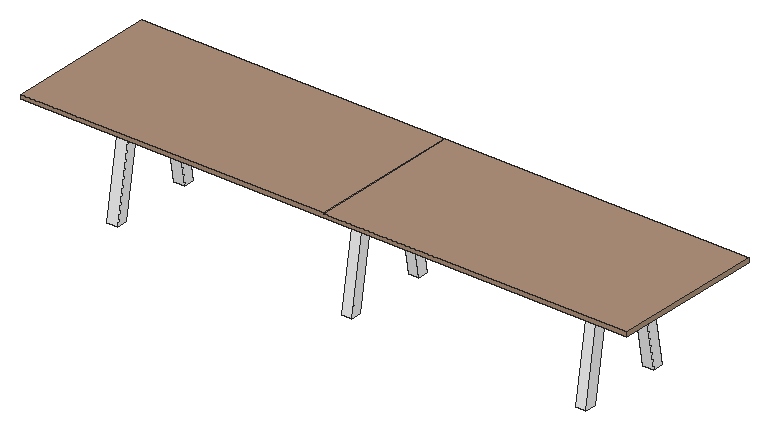
Revit family "Tables-Meeting-Teknion-BC_CWA_Workshop_Conference_Table-R2018", category Furniture, Revit 2018
Family settings
  OmniClass Number = 23.40.20.00
  OmniClass Title = General Furniture and Specialties
  Work Plane-Based = No
  Always vertical = Yes
  Cut with Voids When Loaded = No
  Shared = Yes
  Room Calculation Point = No
Parameters (values of type "1 3/16" Worksurface Thickness, 42" Depth")
  Worksurface Finish [instance] = Source Laminate - Teknion - 3M - Provincial Oak
  Width [instance] = 168.000"
  Warranty = "http://www.teknion.com/ca/papers/legal-canada"
  Unit Weight URL = "http://www.teknion.com/ca/tools/assets#&asset=bee6a381-b954-425e-8283-5a2de3a804f2,f828d448-4b62-4231-9e5f-9a8991c0ed77"
  URL = "www.teknion.com"
  To render please download texture images found here [instance] = "https://assets.teknion.com/web/5e81352c1dfdb467/revit-material-swatches/"
  Thirds Split Visibility [instance] = Width > 170.000"  # no
  Thirds Split [instance] = if(Width > 170.000", Height, Height + 1.000")  # 29.996"
  Sustainability Data = "https://www.teknion.com/ca/tools/assets#&topic=216f99a5-57a0-44fc-b10a-9dee9b29ae4c&asset=444deb64-fe58-4b68-981e-f75e97781df7,b4ff2d81-9f2e-437d-9659-7cffb09c31cf"
  Support Finish [instance] = Mica - Teknion - V - Satin - Very White
  Straight Corner [instance] = not(Radius Corner)  # yes
  Series = "Expansion Casegoods"  # constant formula
  Radius Corner [instance] = no
  Product Page URL = "https://www.teknion.com/ca/products/product-details?productlineid=0053336e-8e7a-673b-a6c8-ff00004460c4"
  Product Line = "Expansion Casegoods"  # constant formula
  Product Documentation Link = "https://www.teknion.com/pricing/expansion-casegoods/pdfs/BC_CWA_ppg.pdf"
  Power Pill Quad [instance] = no
  Power Module Cutout Note [instance] = "Select one of the options below"  # constant formula
  Part Number = "BC_CWA"
  No Cut-Out [instance] = not(or([Linear Power Module Standard 18"], [Linear Power Module Extended  28"], Power Pill Quad))  # yes
  Model = "BCMCWA42_____"
  Manufacturer Phone = "416-661-3370"  # constant formula
  Manufacturer Fax = "416.661.4586"  # constant formula
  Manufacturer Contact Information = "http://www.teknion.com/ca/contactus"
  Manufacturer Address = "1150 Flint Road, Toronto, ON. M3J 2J5. Canada"  # constant formula
  Manufacturer = "Teknion"  # constant formula
  Linear Power Module Standard 18" [instance] = no
  Linear Power Module Extended  28" [instance] = no
  Leg offset [instance] = if(or(Width = 108.000", Width > 155.000"), 16.142", 21.142")  # 16.142"
  Leg Depth = if(Depth > 50.000", 11.709", 7.709")  # 7.709"
  How To Use Teknion Materials User Guide [instance] = "https://assets.teknion.com/m/205dd0a49fa58060/original/How-to-add-a-Material-Library-and-Texture-Images-to-your-Revit-project.pdf"
  Height = 28.996"
  For Additional Finishes please visit [instance] = "https://assets.teknion.com/m/44a8009b046e5d47/original/Teknion_Materials_Library.zip"
  Description = "Workshop Conference Table, 1 3/16\" Worksurface Thickness, 42\" Depth"
  Depth = 41.790"
  Cutout 28 [instance] = if([Linear Power Module Extended  28"], Height, Height + 2.000")  # 30.996"
  Corner Detail Note [instance] = "Select one of the options below"  # constant formula
  Corner Cutout [instance] = if(Radius Corner, Height, Height + 3.000")  # 31.996"
  Center leg [instance] = Width > 155.000"  # yes
  Center Split Visibility [instance] = Width < 170.000"  # yes
  Center Split [instance] = if(Width < 170.000", Height, Height + 1.000")  # 28.996"
  Center Leg Visibility [instance] = if(Width < 155.000", Height, Height + Height)  # 57.992"
  Available Widths [instance] = if(or(Depth = 41.790", Depth = 47.760"), "108\", 120\", 132\", 144\", 156\",and 168\"", if(Depth = 53.730", "120\", 132\", 144\", 156\", 168\", 180\", and 192\"", "144\", 156\", 168\", 180\", 192\", 204\", and 216\""))  # "108\", 120\", 132\", 144\", 156\",and 168\""
  Assembly Code = "E2020200"
  Actual Width [instance] = if(Width = 108.000", 107.460", if(Width = 120.000", 119.400", if(Width = 132.000", 131.340", if(Width = 144.000", 143.280", if(Width = 156.000", 155.220", if(Width = 168.000", 167.160", if(Width = 180.000", 179.100", if(Width = 192.000", 191.040", if(Width = 204.000", 202.980", 214.920")))))))))  # 167.160"
  3 Power Pill Visibility [instance] = and(Power Pill Quad, Width > 170.000")  # no
  3 Power Pill [instance] = if(and(Power Pill Quad, Width > 170.000"), Height, Height + 2.000")  # 30.996"
  3 Cutout 18 Visibility [instance] = and(Power Pill Quad, Width < 170.000")  # no
  3 Cutout 18 [instance] = if(and([Linear Power Module Standard 18"], Width > 170.000"), Height, Height + 2.000")  # 30.996"
  2 Power Pill Visibility [instance] = and([Linear Power Module Standard 18"], Width > 170.000")  # no
  2 Power Pill [instance] = if(and(Power Pill Quad, Width < 170.000"), Height, Height + 2.000")  # 30.996"
  2 Cutout 18 Visibility [instance] = and([Linear Power Module Standard 18"], Width < 170.000")  # no
  2 Cutout 18 [instance] = if(and([Linear Power Module Standard 18"], Width < 170.000"), Height, Height + 2.000")  # 30.996"
Types (8): name | Thirds Split | Model | Leg Depth | Height | Description | Depth | Cutout 28 | Corner Cutout | Center Split | Center Leg Visibility | Available Widths | 3 Power Pill | 3 Cutout 18 | 2 Power Pill | 2 Cutout 18
  (no name) | 29.996" | "BCMCWA42_____" | 7.709" | 28.996" | "Workshop Conference Table, 1 3/16\" Worksurface Thickness, 42\" Depth" | 41.790" | 30.996" | 31.996" | 28.996" | 57.992" | "108\", 120\", 132\", 144\", 156\",and 168\"" | 30.996" | 30.996" | 30.996" | 30.996"
  1 3/16" Worksurface Thickness, 42" Depth | 29.996" | "BCMCWA42_____" | 7.709" | 28.996" | "Workshop Conference Table, 1 3/16\" Worksurface Thickness, 42\" Depth" | 41.790" | 30.996" | 31.996" | 28.996" | 57.992" | "108\", 120\", 132\", 144\", 156\",and 168\"" | 30.996" | 30.996" | 30.996" | 30.996"
  1 9/16" Worksurface Thickness, 42" Depth | 30.362" | "BCXCWA42_____" | 7.709" | 29.362" | "Workshop Conference Table, 1 9/16\" Worksurface Thickness, 42\" Depth" | 41.790" | 31.362" | 32.362" | 29.362" | 58.724" | "108\", 120\", 132\", 144\", 156\",and 168\"" | 31.362" | 31.362" | 31.362" | 31.362"
  1 3/16" Worksurface Thickness, 48" Depth | 29.996" | "BCMCWA48_____" | 7.709" | 28.996" | "Workshop Conference Table, 1 3/16\" Worksurface Thickness, 48\" Depth" | 47.760" | 30.996" | 31.996" | 28.996" | 57.992" | "108\", 120\", 132\", 144\", 156\",and 168\"" | 30.996" | 30.996" | 30.996" | 30.996"
  1 3/16" Worksurface Thickness, 54" Depth | 29.996" | "BCMCWA54_____" | 11.709" | 28.996" | "Workshop Conference Table, 1 3/16\" Worksurface Thickness, 54\" Depth" | 53.730" | 30.996" | 31.996" | 28.996" | 57.992" | "120\", 132\", 144\", 156\", 168\", 180\", and 192\"" | 30.996" | 30.996" | 30.996" | 30.996"
  1 3/16" Worksurface Thickness, 60" Depth | 29.996" | "BCMCWA60_____" | 11.709" | 28.996" | "Workshop Conference Table, 1 3/16\" Worksurface Thickness, 60\" Depth" | 59.700" | 30.996" | 31.996" | 28.996" | 57.992" | "144\", 156\", 168\", 180\", 192\", 204\", and 216\"" | 30.996" | 30.996" | 30.996" | 30.996"
  1 9/16" Worksurface Thickness, 48" Depth | 30.362" | "BCXCWA48_____" | 7.709" | 29.362" | "Workshop Conference Table, 1 9/16\" Worksurface Thickness, 48\" Depth" | 47.760" | 31.362" | 32.362" | 29.362" | 58.724" | "108\", 120\", 132\", 144\", 156\",and 168\"" | 31.362" | 31.362" | 31.362" | 31.362"
  1 9/16" Worksurface Thickness, 54" Depth | 30.362" | "BCXCWA54_____" | 11.709" | 29.362" | "Workshop Conference Table, 1 9/16\" Worksurface Thickness, 54\" Depth" | 53.730" | 31.362" | 32.362" | 29.362" | 58.724" | "120\", 132\", 144\", 156\", 168\", 180\", and 192\"" | 31.362" | 31.362" | 31.362" | 31.362"
Reference planes (in)
  plane 1 "Center Front/Back": y = 0
  plane 2: z = 0
  plane 3 "Center Left/Right": x = 0
  plane 4 "Left": x = -83.58
  plane 5 "Right": x = 83.58
  plane 6 "Back": y = 20.895
  plane 7 "Front": y = -20.895
  plane 8 "Top": z = 28.996
  plane 9: x = -67.438
  plane 10: x = 67.438
  plane 11: y = 3.8545
  plane 12: y = -3.8545
  plane 13: x = -27.86
  plane 14: x = 27.86
  plane 15: x = -55.72
  plane 16: x = 55.72
  plane 17: x = -41.79
  plane 18: x = 41.79
Forms (in)
  Sweep 1, solid, material "Source Laminate - Teknion - 3M - Provincial Oak" <- "Worksurface Finish"
    path origin (0, 0, 0) x (1, 0, 0) y (0, 0, 1)
      loop
        line (0, 28.996) -> (0, 27.80709)
    profile origin (0, 0, 28.40154) x (0, -1, 0) y (1, 0, 0)
      loop
        line (-20.895, -83.58) -> (20.895, -83.58) -> (20.895, 83.58) -> (-20.895, 83.58) -> (-20.895, -83.58)
  Sweep 2, solid, material "Mica - Teknion - V - Satin - Very White" <- "Support Finish"
    path origin (0, 0, 0) x (1, 0, 0) y (0, 0, 1)
      loop
        line (0, 27.80709) -> (0, 27.61969)
    profile origin (0, 0, 27.71339) x (0, -1, 0) y (1, 0, 0)
      loop
        line (-9.57104, -67.438) -> (-3.8545, -67.438) -> (-3.8545, -61.72146) -> (-9.57104, -61.72146) -> (-9.57104, -67.438)
      loop
        line (9.57104, -67.438) -> (9.57104, -61.72146) -> (3.8545, -61.72146) -> (3.8545, -67.438) -> (9.57104, -67.438)
      loop
        line (-9.57104, 67.438) -> (-9.57104, 61.72146) -> (-3.8545, 61.72146) -> (-3.8545, 67.438) -> (-9.57104, 67.438)
      loop
        line (9.57104, 67.438) -> (3.8545, 67.438) -> (3.8545, 61.72146) -> (9.57104, 61.72146) -> (9.57104, 67.438)
  Sweep 3, solid, material "Mica - Teknion - V - Satin - Very White" <- "Support Finish", visible <- "Center leg"
    path origin (0, 0, 0) x (1, 0, 0) y (0, 0, 1)
      loop
        line (0, 27.80709) -> (0, 27.61969)
    profile origin (0, 0, 27.71339) x (0, -1, 0) y (1, 0, 0)
      loop
        line (-9.57104, 2.85827) -> (-9.57104, -2.85827) -> (-3.8545, -2.85827) -> (-3.8545, 2.85827) -> (-9.57104, 2.85827)
      loop
        line (3.8545, 2.85827) -> (3.8545, -2.85827) -> (9.57104, -2.85827) -> (9.57104, 2.85827) -> (3.8545, 2.85827)
  Sweep 4, solid, material "Mica - Teknion - V - Satin - Very White" <- "Support Finish"
    path origin (0, 0, 0) x (1, 0, 0) y (0, 1, 0)
      loop
        line (-65.99706, 0) -> (65.99706, 0)
    profile origin (0, 0, 0) x (0, 1, 0) y (0, 0, 1)
      loop
        line (5.29544, 27.61969) -> (10.16554, 0) -> (13.00019, 0) -> (8.13009, 27.61969) -> (5.29544, 27.61969)
      loop
        line (-5.29544, 27.61969) -> (-8.13009, 27.61969) -> (-13.00019, 0) -> (-10.16554, 0) -> (-5.29544, 27.61969)
  Sweep 5, void
    path origin (0, 0, 0) x (1, 0, 0) y (0, 1, 0)
      loop
        line (0, -20.895) -> (0, 20.895)
    profile origin (0, 0, 0) x (-1, 0, 0) y (0, 0, 1)
      loop
        line (-1.41732, 28.996) -> (-63.16241, 28.996) -> (-63.16241, 0) -> (-1.41732, 0) -> (-1.41732, 28.996)
      loop
        line (1.41732, 28.996) -> (1.41732, 0) -> (63.16241, 0) -> (63.16241, 28.996) -> (1.41732, 28.996)
  Sweep 6, void
    path origin (0, 0, 0) x (1, 0, 0) y (0, 1, 0)
      loop
        line (0, -20.895) -> (0, 20.895)
    profile origin (0, 0, 0) x (-1, 0, 0) y (0, 0, 1)
      loop
        line (3.60615, 57.992) -> (-3.60615, 57.992) -> (-3.60615, 28.996) -> (3.60615, 28.996) -> (3.60615, 57.992)
  Sweep 7, void
    path origin (0, 0, 0) x (1, 0, 0) y (0, 1, 0)
      loop
        line (0, -20.895) -> (0, 20.895)
    profile origin (0, 0, 0) x (-1, 0, 0) y (0, 0, 1)
      loop
        line (0.05906, 28.996) -> (-0.05906, 28.996) -> (0, 28.96846) -> (0.05906, 28.996)
  Sweep 8, void
    path origin (0, 0, 0) x (1, 0, 0) y (0, 1, 0)
      loop
        line (0, -20.895) -> (0, 20.895)
    profile origin (0, 0, 0) x (-1, 0, 0) y (0, 0, 1)
      loop
        line (27.86, 29.96846) -> (27.91906, 29.996) -> (27.80094, 29.996) -> (27.86, 29.96846)
      loop
        line (-27.86, 29.96846) -> (-27.80094, 29.996) -> (-27.91906, 29.996) -> (-27.86, 29.96846)
  Sweep 9, void
    path origin (0, 0, 0) x (1, 0, 0) y (0, 0, 1)
      loop
        line (0, 31.996) -> (0, 29.996)
    profile origin (0, 0, 30.996) x (0, -1, 0) y (1, 0, 0)
      loop
        arc (-18.02, -83.58) -> (-20.05293, -82.73793) -> (-20.895, -80.705) r 2.875
        line (-20.895, -80.705) -> (-20.895, -83.58) -> (-18.02, -83.58)
      loop
        line (18.02, -83.58) -> (20.895, -83.58) -> (20.895, -80.705)
        arc (20.895, -80.705) -> (20.05293, -82.73793) -> (18.02, -83.58) r 2.875
      loop
        line (-18.02, 83.58) -> (-20.895, 83.58) -> (-20.895, 80.705)
        arc (-20.895, 80.705) -> (-20.05293, 82.73793) -> (-18.02, 83.58) r 2.875
      loop
        arc (18.02, 83.58) -> (20.05293, 82.73793) -> (20.895, 80.705) r 2.875
        line (20.895, 80.705) -> (20.895, 83.58) -> (18.02, 83.58)
  Sweep 10, void
    path origin (0, 0, 0) x (1, 0, 0) y (0, 0, 1)
      loop
        line (0, 28.996) -> (0, 30.996)
    profile origin (0, 0, 29.996) x (-1, 0, 0) y (0, -1, 0)
      loop
        line (-13.4252, 2.32283) -> (-13.4252, -2.32283) -> (13.4252, -2.32283) -> (13.4252, 2.32283) -> (-13.4252, 2.32283)
  Sweep 11, void
    path origin (0, 0, 0) x (1, 0, 0) y (0, 0, 1)
      loop
        line (0, 30.996) -> (0, 28.996)
    profile origin (0, 0, 29.996) x (0, -1, 0) y (1, 0, 0)
      loop
        line (2.32283, -50.17583) -> (2.32283, -33.40417) -> (-2.32283, -33.40417) -> (-2.32283, -50.17583) -> (2.32283, -50.17583)
      loop
        line (2.32283, 33.40417) -> (2.32283, 50.17583) -> (-2.32283, 50.17583) -> (-2.32283, 33.40417) -> (2.32283, 33.40417)
  Sweep 12, void
    path origin (0, 0, 0) x (1, 0, 0) y (0, 0, 1)
      loop
        line (0, 30.996) -> (0, 28.996)
    profile origin (0, 0, 29.996) x (0, -1, 0) y (1, 0, 0)
      loop
        line (-2.32283, -8.38583) -> (2.32283, -8.38583) -> (2.32283, 8.38583) -> (-2.32283, 8.38583) -> (-2.32283, -8.38583)
      loop
        line (-2.32283, -64.10583) -> (2.32283, -64.10583) -> (2.32283, -47.33417) -> (-2.32283, -47.33417) -> (-2.32283, -64.10583)
      loop
        line (-2.32283, 64.10583) -> (-2.32283, 47.33417) -> (2.32283, 47.33417) -> (2.32283, 64.10583) -> (-2.32283, 64.10583)
  Sweep 13, void
    path origin (0, 0, 0) x (1, 0, 0) y (0, 0, 1)
      loop
        line (0, 30.996) -> (0, 28.996)
    profile origin (0, 0, 29.996) x (0, -1, 0) y (1, 0, 0)
      loop
        arc (-1.65354, -44.03409) -> (0, -45.68764) -> (1.65354, -44.03409) r 1.65354
        line (1.65354, -44.03409) -> (1.65354, -39.54591)
        arc (1.65354, -39.54591) -> (0, -37.89236) -> (-1.65354, -39.54591) r 1.65354
        line (-1.65354, -39.54591) -> (-1.65354, -44.03409)
      loop
        arc (-1.65354, 39.54591) -> (0, 37.89236) -> (1.65354, 39.54591) r 1.65354
        line (1.65354, 39.54591) -> (1.65354, 44.03409)
        arc (1.65354, 44.03409) -> (0, 45.68764) -> (-1.65354, 44.03409) r 1.65354
        line (-1.65354, 44.03409) -> (-1.65354, 39.54591)
  Sweep 14, void
    path origin (0, 0, 0) x (1, 0, 0) y (0, 0, 1)
      loop
        line (0, 30.996) -> (0, 28.996)
    profile origin (0, 0, 29.996) x (0, -1, 0) y (1, 0, 0)
      loop
        arc (-1.65354, -57.96409) -> (0, -59.61764) -> (1.65354, -57.96409) r 1.65354
        line (1.65354, -57.96409) -> (1.65354, -53.47591)
        arc (1.65354, -53.47591) -> (0, -51.82236) -> (-1.65354, -53.47591) r 1.65354
        line (-1.65354, -53.47591) -> (-1.65354, -57.96409)
      loop
        arc (-1.65354, -2.24409) -> (0, -3.89764) -> (1.65354, -2.24409) r 1.65354
        line (1.65354, -2.24409) -> (1.65354, 2.24409)
        arc (1.65354, 2.24409) -> (0, 3.89764) -> (-1.65354, 2.24409) r 1.65354
        line (-1.65354, 2.24409) -> (-1.65354, -2.24409)
      loop
        arc (-1.65354, 53.47591) -> (0, 51.82236) -> (1.65354, 53.47591) r 1.65354
        line (1.65354, 53.47591) -> (1.65354, 57.96409)
        arc (1.65354, 57.96409) -> (0, 59.61764) -> (-1.65354, 57.96409) r 1.65354
        line (-1.65354, 57.96409) -> (-1.65354, 53.47591)
Cuts and joins
  Sweep 5, Sweep 6 cuts Sweep 4
  Sweep 7, Sweep 8, Sweep 9, Sweep 10, Sweep 11, Sweep 12, Sweep 13, Sweep 14 cuts Sweep 1
Lines and regions (in)
  Masking region 1, visible <- "Straight Corner"
    outline origin (0, 0, 0) x (1, 0, 0) y (0, 1, 0)
      loop
        line (-83.58, 20.895) -> (-83.58, -20.895) -> (83.58, -20.895) -> (83.58, 20.895) -> (-83.58, 20.895)
  Masking region 2, visible <- "Radius Corner"
    outline origin (0, 0, 0) x (1, 0, 0) y (0, 1, 0)
      loop
        arc (-80.705, 20.895) -> (-82.73793, 20.05293) -> (-83.58, 18.02) r 2.875
        line (-83.58, 18.02) -> (-83.58, -18.02)
        arc (-83.58, -18.02) -> (-82.73793, -20.05293) -> (-80.705, -20.895) r 2.875
        line (-80.705, -20.895) -> (80.705, -20.895)
        arc (80.705, -20.895) -> (82.73793, -20.05293) -> (83.58, -18.02) r 2.875
        line (83.58, -18.02) -> (83.58, 18.02)
        arc (83.58, 18.02) -> (82.73793, 20.05293) -> (80.705, 20.895) r 2.875
        line (80.705, 20.895) -> (-80.705, 20.895)
  symbolic lines, style "FurnitureHiddenLines", detail levels medium+fine
    curve 1: line (-61.72146, 3.8545, 0) -> (-61.72146, 9.57104, 0)
    curve 2: line (-61.72146, 9.57104, 0) -> (-67.438, 9.57104, 0)
    curve 3: line (-67.438, 9.57104, 0) -> (-67.438, 3.8545, 0)
    curve 4: line (-67.438, 3.8545, 0) -> (-61.72146, 3.8545, 0)
    curve 5: line (-61.72146, -9.57104, 0) -> (-61.72146, -3.8545, 0)
    curve 6: line (-61.72146, -3.8545, 0) -> (-67.438, -3.8545, 0)
    curve 7: line (-67.438, -3.8545, 0) -> (-67.438, -9.57104, 0)
    curve 8: line (-67.438, -9.57104, 0) -> (-61.72146, -9.57104, 0)
    curve 9: line (61.72146, 9.57104, 0) -> (61.72146, 3.8545, 0)
    curve 10: line (61.72146, 3.8545, 0) -> (67.438, 3.8545, 0)
    curve 11: line (67.438, 3.8545, 0) -> (67.438, 9.57104, 0)
    curve 12: line (67.438, 9.57104, 0) -> (61.72146, 9.57104, 0)
    curve 13: line (61.72146, -3.8545, 0) -> (61.72146, -9.57104, 0)
    curve 14: line (61.72146, -9.57104, 0) -> (67.438, -9.57104, 0)
    curve 15: line (67.438, -9.57104, 0) -> (67.438, -3.8545, 0)
    curve 16: line (67.438, -3.8545, 0) -> (61.72146, -3.8545, 0)
    curve 17: line (-65.99706, 5.29544, 0) -> (-63.16241, 5.29544, 0)
    curve 18: line (-63.16241, 5.29544, 0) -> (-63.16241, 13.00019, 0)
    curve 19: line (-63.16241, 8.13009, 0) -> (-65.99706, 8.13009, 0)
    curve 20: line (-65.99706, 13.00019, 0) -> (-65.99706, 5.29544, 0)
    curve 21: line (-65.99706, -8.13009, 0) -> (-63.16241, -8.13009, 0)
    curve 22: line (-63.16241, -13.00019, 0) -> (-63.16241, -5.29544, 0)
    curve 23: line (-63.16241, -5.29544, 0) -> (-65.99706, -5.29544, 0)
    curve 24: line (-65.99706, -5.29544, 0) -> (-65.99706, -13.00019, 0)
    curve 25: line (63.16241, -8.13009, 0) -> (65.99706, -8.13009, 0)
    curve 26: line (65.99706, -13.00019, 0) -> (65.99706, -5.29544, 0)
    curve 27: line (65.99706, -5.29544, 0) -> (63.16241, -5.29544, 0)
    curve 28: line (63.16241, -5.29544, 0) -> (63.16241, -13.00019, 0)
    curve 29: line (63.16241, 5.29544, 0) -> (65.99706, 5.29544, 0)
    curve 30: line (65.99706, 5.29544, 0) -> (65.99706, 13.00019, 0)
    curve 31: line (65.99706, 8.13009, 0) -> (63.16241, 8.13009, 0)
    curve 32: line (63.16241, 13.00019, 0) -> (63.16241, 5.29544, 0)
    curve 33: line (-63.16241, 10.16554, 0) -> (-65.99706, 10.16554, 0)
    curve 34: line (-65.99706, 13.00019, 0) -> (-63.16241, 13.00019, 0)
    curve 35: line (-65.99706, -10.16554, 0) -> (-63.16241, -10.16554, 0)
    curve 36: line (-63.16241, -13.00019, 0) -> (-65.99706, -13.00019, 0)
    curve 37: line (63.16241, -10.16554, 0) -> (65.99706, -10.16554, 0)
    curve 38: line (65.99706, -13.00019, 0) -> (63.16241, -13.00019, 0)
    curve 39: line (65.99706, 10.16554, 0) -> (63.16241, 10.16554, 0)
    curve 40: line (63.16241, 13.00019, 0) -> (65.99706, 13.00019, 0)
  symbolic lines, style "FurnitureHiddenLines", visible <- "Center leg", detail levels medium+fine
    curve 41: line (-2.85827, 9.57104, 0) -> (-2.85827, 3.8545, 0)
    curve 42: line (-2.85827, 3.8545, 0) -> (2.85827, 3.8545, 0)
    curve 43: line (2.85827, 3.8545, 0) -> (2.85827, 9.57104, 0)
    curve 44: line (2.85827, 9.57104, 0) -> (-2.85827, 9.57104, 0)
    curve 45: line (-2.85827, -3.8545, 0) -> (-2.85827, -9.57104, 0)
    curve 46: line (-2.85827, -9.57104, 0) -> (2.85827, -9.57104, 0)
    curve 47: line (2.85827, -9.57104, 0) -> (2.85827, -3.8545, 0)
    curve 48: line (2.85827, -3.8545, 0) -> (-2.85827, -3.8545, 0)
    curve 49: line (-1.41732, 13.00019, 0) -> (1.41732, 13.00019, 0)
    curve 50: line (-1.41732, 5.29544, 0) -> (-1.41732, 13.00019, 0)
    curve 51: line (1.41732, 5.29544, 0) -> (-1.41732, 5.29544, 0)
    curve 52: line (1.41732, 13.00019, 0) -> (1.41732, 5.29544, 0)
    curve 53: line (-1.41732, -5.29544, 0) -> (1.41732, -5.29544, 0)
    curve 54: line (-1.41732, -13.00019, 0) -> (-1.41732, -5.29544, 0)
    curve 55: line (1.41732, -13.00019, 0) -> (-1.41732, -13.00019, 0)
    curve 56: line (1.41732, -5.29544, 0) -> (1.41732, -13.00019, 0)
    curve 57: line (-1.41732, 10.16554, 0) -> (1.41732, 10.16554, 0)
    curve 58: line (-1.41732, 8.13009, 0) -> (1.41732, 8.13009, 0)
    curve 59: line (-1.41732, -8.13009, 0) -> (1.41732, -8.13009, 0)
    curve 60: line (-1.41732, -10.16554, 0) -> (1.41732, -10.16554, 0)
  symbolic lines, visible <- "Thirds Split Visibility"
    curve 61: line (-27.86, 20.895, 0) -> (-27.86, -20.895, 0)
    curve 63: line (27.86, 20.895, 0) -> (27.86, -20.895, 0)
  symbolic lines, visible <- "Center Split Visibility"
    curve 62: line (0, 20.895, 0) -> (0, -20.895, 0)
  symbolic lines, visible <- "Linear Power Module Extended  28""
    curve 64: line (13.4252, 2.32283, 0) -> (-13.4252, 2.32283, 0)
    curve 65: line (-13.4252, 2.32283, 0) -> (-13.4252, -2.32283, 0)
    curve 66: line (-13.4252, -2.32283, 0) -> (13.4252, -2.32283, 0)
    curve 67: line (13.4252, -2.32283, 0) -> (13.4252, 2.32283, 0)
  symbolic lines, visible <- "3 Cutout 18 Visibility"
    curve 68: line (-8.38583, 2.32283, 0) -> (-8.38583, -2.32283, 0)
    curve 69: line (-8.38583, -2.32283, 0) -> (8.38583, -2.32283, 0)
    curve 70: line (8.38583, -2.32283, 0) -> (8.38583, 2.32283, 0)
    curve 71: line (8.38583, 2.32283, 0) -> (-8.38583, 2.32283, 0)
    curve 72: line (-47.33417, 2.32283, 0) -> (-64.10583, 2.32283, 0)
    curve 73: line (-64.10583, 2.32283, 0) -> (-64.10583, -2.32283, 0)
    curve 74: line (-64.10583, -2.32283, 0) -> (-47.33417, -2.32283, 0)
    curve 75: line (-47.33417, -2.32283, 0) -> (-47.33417, 2.32283, 0)
    curve 76: line (64.10583, 2.32283, 0) -> (47.33417, 2.32283, 0)
    curve 77: line (47.33417, 2.32283, 0) -> (47.33417, -2.32283, 0)
    curve 78: line (47.33417, -2.32283, 0) -> (64.10583, -2.32283, 0)
    curve 79: line (64.10583, -2.32283, 0) -> (64.10583, 2.32283, 0)
  symbolic lines, visible <- "2 Cutout 18 Visibility"
    curve 80: line (-33.40417, 2.32283, 0) -> (-50.17583, 2.32283, 0)
    curve 81: line (-50.17583, 2.32283, 0) -> (-50.17583, -2.32283, 0)
    curve 82: line (-50.17583, -2.32283, 0) -> (-33.40417, -2.32283, 0)
    curve 83: line (-33.40417, -2.32283, 0) -> (-33.40417, 2.32283, 0)
    curve 84: line (50.17583, 2.32283, 0) -> (33.40417, 2.32283, 0)
    curve 85: line (33.40417, 2.32283, 0) -> (33.40417, -2.32283, 0)
    curve 86: line (33.40417, -2.32283, 0) -> (50.17583, -2.32283, 0)
    curve 87: line (50.17583, -2.32283, 0) -> (50.17583, 2.32283, 0)
  symbolic lines, visible <- "3 Power Pill Visibility"
    curve 88: arc (2.24409, -1.65354, 0) -> (3.89764, 0, 0) -> (2.24409, 1.65354, 0) r 1.65354
    curve 89: line (2.24409, 1.65354, 0) -> (-2.24409, 1.65354, 0)
    curve 90: arc (-2.24409, 1.65354, 0) -> (-3.89764, 0, 0) -> (-2.24409, -1.65354, 0) r 1.65354
    curve 91: line (-2.24409, -1.65354, 0) -> (2.24409, -1.65354, 0)
    curve 92: arc (53.47591, 1.65354, 0) -> (51.82236, 0, 0) -> (53.47591, -1.65354, 0) r 1.65354
    curve 93: line (53.47591, -1.65354, 0) -> (57.96409, -1.65354, 0)
    curve 94: arc (57.96409, -1.65354, 0) -> (59.61764, 0, 0) -> (57.96409, 1.65354, 0) r 1.65354
    curve 95: line (57.96409, 1.65354, 0) -> (53.47591, 1.65354, 0)
    curve 96: arc (-57.96409, 1.65354, 0) -> (-59.61764, 0, 0) -> (-57.96409, -1.65354, 0) r 1.65354
    curve 97: line (-57.96409, -1.65354, 0) -> (-53.47591, -1.65354, 0)
    curve 98: arc (-53.47591, -1.65354, 0) -> (-51.82236, 0, 0) -> (-53.47591, 1.65354, 0) r 1.65354
    curve 99: line (-53.47591, 1.65354, 0) -> (-57.96409, 1.65354, 0)
  symbolic lines, visible <- "2 Power Pill Visibility"
    curve 100: arc (39.54591, 1.65354, 0) -> (37.89236, 0, 0) -> (39.54591, -1.65354, 0) r 1.65354
    curve 101: line (39.54591, -1.65354, 0) -> (44.03409, -1.65354, 0)
    curve 102: arc (44.03409, -1.65354, 0) -> (45.68764, 0, 0) -> (44.03409, 1.65354, 0) r 1.65354
    curve 103: line (44.03409, 1.65354, 0) -> (39.54591, 1.65354, 0)
    curve 104: arc (-39.54591, -1.65354, 0) -> (-37.89236, 0, 0) -> (-39.54591, 1.65354, 0) r 1.65354
    curve 105: line (-39.54591, 1.65354, 0) -> (-44.03409, 1.65354, 0)
    curve 106: arc (-44.03409, 1.65354, 0) -> (-45.68764, 0, 0) -> (-44.03409, -1.65354, 0) r 1.65354
    curve 107: line (-44.03409, -1.65354, 0) -> (-39.54591, -1.65354, 0)
Dimensions and locks (in)
  "Actual Width": plane 4 "Left" to plane 5 "Right"
  "Depth": plane 6 "Back" to plane 7 "Front"
  "Height": plane 8 "Top" to level
  equal spacing: plane 6 "Back", plane 1 "Center Front/Back", plane 7 "Front"
  equal spacing: plane 4 "Left", plane 3 "Center Left/Right", plane 5 "Right"
  locked: Sweep 1 sketch curve to level at 27.80709
  equal spacing: plane 11, plane 1 "Center Front/Back", plane 12
  "Leg offset": plane 4 "Left" to plane 9
  "Leg offset": plane 10 to plane 5 "Right"
  "Leg Depth": plane 11 to plane 12
  level to Sweep 2 sketch curve to Sweep 2 sketch curve = 27.61969" locked, 0.1874" locked
  plane 9 to Sweep 2 sketch curve to Sweep 2 sketch curve to Sweep 2 sketch curve to Sweep 2 sketch curve = 0.000" locked, 0.000" locked, 5.71654" locked, 0.000" locked
  Sweep 2 sketch curve to Sweep 2 sketch curve to plane 10 to Sweep 2 sketch curve to Sweep 2 sketch curve = 0.000" locked, 5.71654" locked, 0.000" locked, 0.000" locked
  Sweep 2 sketch curve to Sweep 2 sketch curve to plane 11 to Sweep 2 sketch curve to Sweep 2 sketch curve = 0.000" locked, 5.71654" locked, 0.000" locked, 0.000" locked
  plane 12 to Sweep 2 sketch curve to Sweep 2 sketch curve to Sweep 2 sketch curve to Sweep 2 sketch curve = 0.000" locked, 0.000" locked, 5.71654" locked, 0.000" locked
  Sweep 3 sketch curve to Sweep 3 sketch curve to level = 0.1874" locked, 27.61969" locked
  Sweep 3 sketch curve to Sweep 3 sketch curve to plane 3 "Center Left/Right" to Sweep 3 sketch curve to Sweep 3 sketch curve = 0.000" locked, 2.85827" locked, 2.85827" locked, 0.000" locked
  plane 12 to Sweep 3 sketch curve to Sweep 3 sketch curve = 0.000" locked, 5.71654" locked
  Sweep 3 sketch curve to plane 11 to Sweep 3 sketch curve = 5.71654" locked, 0.000" locked
  locked: plane 9 to Sweep 4 sketch curve at 1.44094
  locked: Sweep 4 sketch curve to plane 10 at 1.44094
  Sweep 4 sketch curve to level to Sweep 4 sketch curve = 27.61969" locked, 0.000" locked  (x2)
  Sweep 4 sketch curve to Sweep 4 sketch curve to Sweep 4 sketch curve to Sweep 4 sketch curve to plane 11 = 2.83465" locked, 2.03545" locked, 2.83465" locked, 1.44094" locked
  plane 12 to Sweep 4 sketch curve to Sweep 4 sketch curve to Sweep 4 sketch curve to Sweep 4 sketch curve = 1.44094" locked, 2.83465" locked, 2.03545" locked, 2.83465" locked
  locked: Sweep 5 sketch curve to plane 9 at 4.27559
  locked: plane 10 to Sweep 5 sketch curve at 4.27559
  plane 8 "Top" to Sweep 5 sketch curve to Sweep 5 sketch curve = 0.000" locked, 0.000" locked
  level to Sweep 5 sketch curve to Sweep 5 sketch curve = 0.000" locked, 0.000" locked
  Sweep 5 sketch curve to plane 3 "Center Left/Right" to Sweep 5 sketch curve = 1.41732" locked, 1.41732" locked
  Sweep 6 sketch curve to plane 3 "Center Left/Right" to Sweep 6 sketch curve = 3.60615" locked, 3.60615" locked
  "Center Leg Visibility": Sweep 6 sketch curve to level
  "Height": Sweep 6 sketch curve to Sweep 6 sketch curve
  Sweep 7 sketch curve to Sweep 7 sketch curve to plane 3 "Center Left/Right" to Sweep 7 sketch curve = 0.05906" locked, 0.000" locked, 0.05906" locked
  Sweep 7 sketch curve to Sweep 7 sketch curve = 0.02754"
  "Center Split": Sweep 7 sketch curve to level
  equal spacing: plane 4 "Left", plane 13, plane 14, plane 5 "Right"
  Sweep 8 sketch curve to Sweep 8 sketch curve to plane 13 to Sweep 8 sketch curve = 0.05906" locked, 0.000" locked, 0.05906" locked
  Sweep 8 sketch curve to plane 14 to Sweep 8 sketch curve to Sweep 8 sketch curve = 0.05906" locked, 0.000" locked, 0.05906" locked
  "Thirds Split": Sweep 8 sketch curve to level  (x2)
  locked: Sweep 8 sketch curve to Sweep 8 sketch curve at 0.02754  (x2)
  locked: Sweep 9 sketch curve to Sweep 9 sketch curve at 2
  "Corner Cutout": Sweep 9 sketch curve to level
  locked: plane 6 "Back" to Sweep 9 sketch curve at 2.875  (x2)
  locked: plane 4 "Left" to Sweep 9 sketch curve at 2.875  (x2)
  locked: plane 7 "Front" to Sweep 9 sketch curve at 2.875  (x2)
  locked: Sweep 9 sketch curve to plane 5 "Right" at 2.875  (x2)
  locked: Masking region 2 sketch curve to plane 5 "Right" at 2.875  (x2)
  locked: plane 6 "Back" to Masking region 2 sketch curve at 2.875  (x2)
  locked: plane 4 "Left" to Masking region 2 sketch curve at 2.875  (x2)
  locked: plane 7 "Front" to Masking region 2 sketch curve at 2.875  (x2)
  curve 50 to curve 54 to plane 3 "Center Left/Right" to curve 52 to curve 56 = 0.000" locked, 1.41732" locked, 1.41732" locked, 0.000" locked
  curve 49 to curve 57 to curve 58 to curve 51 to plane 11 = 2.83465" locked, 2.03545" locked, 2.83465" locked, 1.44094" locked
  plane 12 to curve 53 to curve 59 to curve 60 to curve 55 = 1.44094" locked, 2.83465" locked, 2.03545" locked, 2.83465" locked
  equal spacing: plane 4 "Left", plane 15, plane 13
  equal spacing: plane 14, plane 16, plane 5 "Right"
  equal spacing: plane 4 "Left", plane 17, plane 3 "Center Left/Right"
  equal spacing: plane 3 "Center Left/Right", plane 18, plane 5 "Right"
  locked: Sweep 10 sketch curve to Sweep 10 sketch curve at 2
  "Cutout 28": Sweep 10 sketch curve to level
  Sweep 10 sketch curve to plane 3 "Center Left/Right" to Sweep 10 sketch curve = 13.4252" locked, 13.4252" locked
  Sweep 10 sketch curve to plane 1 "Center Front/Back" to Sweep 10 sketch curve = 2.32283" locked, 2.32283" locked
  locked: Sweep 11 sketch curve to Sweep 11 sketch curve at 2
  "2 Cutout 18": Sweep 11 sketch curve to level
  Sweep 11 sketch curve to plane 17 to Sweep 11 sketch curve = 8.38583" locked, 8.38583" locked
  Sweep 11 sketch curve to plane 1 "Center Front/Back" to Sweep 11 sketch curve = 2.32283" locked, 2.32283" locked  (x2)
  Sweep 11 sketch curve to plane 18 to Sweep 11 sketch curve = 8.38583" locked, 8.38583" locked
  locked: Sweep 12 sketch curve to Sweep 12 sketch curve at 2
  "3 Cutout 18": Sweep 12 sketch curve to level
  Sweep 12 sketch curve to plane 15 to Sweep 12 sketch curve = 8.38583" locked, 8.38583" locked
  Sweep 12 sketch curve to plane 1 "Center Front/Back" to Sweep 12 sketch curve = 2.32283" locked, 2.32283" locked  (x3)
  Sweep 12 sketch curve to plane 3 "Center Left/Right" to Sweep 12 sketch curve = 8.38583" locked, 8.38583" locked
  Sweep 12 sketch curve to plane 16 to Sweep 12 sketch curve = 8.38583" locked, 8.38583" locked
  locked: Sweep 13 sketch curve to Sweep 13 sketch curve at 2
  "2 Power Pill": Sweep 13 sketch curve to level
  Sweep 13 sketch curve to plane 17 to Sweep 13 sketch curve = 2.24409" locked, 2.24409" locked
  Sweep 13 sketch curve to plane 1 "Center Front/Back" to Sweep 13 sketch curve to Sweep 13 sketch curve to Sweep 13 sketch curve = 1.65354" locked, 0.000" locked, 0.000" locked, 1.65354" locked
  Sweep 13 sketch curve to plane 18 to Sweep 13 sketch curve = 2.24409" locked, 2.24409" locked
  Sweep 13 sketch curve to Sweep 13 sketch curve to Sweep 13 sketch curve to plane 1 "Center Front/Back" to Sweep 13 sketch curve = 1.65354" locked, 0.000" locked, 0.000" locked, 1.65354" locked
  locked: Sweep 14 sketch curve to Sweep 14 sketch curve at 2
  "3 Power Pill": Sweep 14 sketch curve to level
  Sweep 14 sketch curve to plane 15 to Sweep 14 sketch curve = 2.24409" locked, 2.24409" locked
  Sweep 14 sketch curve to plane 3 "Center Left/Right" to Sweep 14 sketch curve = 2.24409" locked, 2.24409" locked
  Sweep 14 sketch curve to plane 16 to Sweep 14 sketch curve = 2.24409" locked, 2.24409" locked
  Sweep 14 sketch curve to plane 1 "Center Front/Back" to Sweep 14 sketch curve to Sweep 14 sketch curve to Sweep 14 sketch curve = 1.65354" locked, 0.000" locked, 0.000" locked, 1.65354" locked  (x3)
  aligned and locked: level to plane 2
  aligned and locked: Sweep 1 sketch curve to plane 3 "Center Left/Right"
  aligned and locked: plane 8 "Top" to Sweep 1 sketch curve
  aligned and locked: plane 5 "Right" to Sweep 1 sketch curve
  aligned and locked: Sweep 1 sketch curve to plane 6 "Back"
  aligned and locked: Sweep 1 sketch curve to plane 4 "Left"
  aligned and locked: plane 7 "Front" to Sweep 1 sketch curve
  aligned and locked: Sweep 2 sketch curve to plane 3 "Center Left/Right"
  aligned and locked: Sweep 3 sketch curve to plane 3 "Center Left/Right"
  aligned and locked: plane 1 "Center Front/Back" to Sweep 4 sketch curve
  aligned and locked: plane 3 "Center Left/Right" to Sweep 5 sketch curve
  aligned and locked: plane 6 "Back" to Sweep 5 sketch curve
  aligned and locked: plane 7 "Front" to Sweep 5 sketch curve
  aligned and locked: plane 3 "Center Left/Right" to Sweep 6 sketch curve
  aligned and locked: plane 6 "Back" to Sweep 6 sketch curve
  aligned and locked: plane 7 "Front" to Sweep 6 sketch curve
  aligned and locked: plane 6 "Back" to Sweep 7 sketch curve
  aligned and locked: plane 7 "Front" to Sweep 7 sketch curve
  aligned and locked: plane 3 "Center Left/Right" to Sweep 7 sketch curve
  aligned and locked: plane 6 "Back" to Sweep 8 sketch curve
  aligned and locked: plane 7 "Front" to Sweep 8 sketch curve
  aligned and locked: plane 3 "Center Left/Right" to Sweep 8 sketch curve
  aligned and locked: plane 6 "Back" to Sweep 9 sketch curve
  aligned and locked: Sweep 9 sketch curve to plane 5 "Right"
  aligned and locked: Sweep 9 sketch curve to plane 7 "Front"
  aligned and locked: plane 5 "Right" to Sweep 9 sketch curve
  aligned and locked: Sweep 9 sketch curve to plane 4 "Left"
  aligned and locked: plane 7 "Front" to Sweep 9 sketch curve
  aligned and locked: plane 4 "Left" to Sweep 9 sketch curve
  aligned and locked: Sweep 9 sketch curve to plane 6 "Back"
  aligned and locked: Masking region 1 sketch curve to plane 6 "Back"
  aligned and locked: Masking region 1 sketch curve to plane 4 "Left"
  aligned and locked: plane 7 "Front" to Masking region 1 sketch curve
  aligned and locked: plane 5 "Right" to Masking region 1 sketch curve
  aligned and locked: plane 6 "Back" to Masking region 2 sketch curve
  aligned and locked: Masking region 2 sketch curve to plane 4 "Left"
  aligned and locked: plane 7 "Front" to Masking region 2 sketch curve
  aligned and locked: Masking region 2 sketch curve to plane 5 "Right"
  aligned and locked: curve 1 to Sweep 2
  aligned and locked: curve 2 to Sweep 2
  aligned and locked: curve 3 to Sweep 2
  aligned and locked: curve 4 to Sweep 2
  aligned and locked: curve 5 to Sweep 2
  aligned and locked: curve 6 to Sweep 2
  aligned and locked: curve 7 to Sweep 2
  aligned and locked: curve 8 to Sweep 2
  aligned and locked: curve 9 to Sweep 2
  aligned and locked: curve 10 to Sweep 2
  aligned and locked: curve 11 to Sweep 2
  aligned and locked: curve 12 to Sweep 2
  aligned and locked: curve 13 to Sweep 2
  aligned and locked: curve 14 to Sweep 2
  aligned and locked: curve 15 to Sweep 2
  aligned and locked: curve 16 to Sweep 2
  aligned and locked: curve 17 to cut or joined group of Sweep 4, Sweep 5, Sweep 6
  aligned and locked: curve 18 to cut or joined group of Sweep 4, Sweep 5, Sweep 6
  aligned and locked: curve 19 to cut or joined group of Sweep 4, Sweep 5, Sweep 6
  aligned and locked: curve 20 to cut or joined group of Sweep 4, Sweep 5, Sweep 6
  aligned and locked: curve 21 to cut or joined group of Sweep 4, Sweep 5, Sweep 6
  aligned and locked: curve 22 to cut or joined group of Sweep 4, Sweep 5, Sweep 6
  aligned and locked: curve 23 to cut or joined group of Sweep 4, Sweep 5, Sweep 6
  aligned and locked: curve 24 to cut or joined group of Sweep 4, Sweep 5, Sweep 6
  aligned and locked: curve 25 to cut or joined group of Sweep 4, Sweep 5, Sweep 6
  aligned and locked: cut or joined group of Sweep 4, Sweep 5, Sweep 6 to curve 26
  aligned and locked: curve 27 to cut or joined group of Sweep 4, Sweep 5, Sweep 6
  aligned and locked: curve 28 to cut or joined group of Sweep 4, Sweep 5, Sweep 6
  aligned and locked: curve 29 to cut or joined group of Sweep 4, Sweep 5, Sweep 6
  aligned and locked: cut or joined group of Sweep 4, Sweep 5, Sweep 6 to curve 30
  aligned and locked: curve 31 to cut or joined group of Sweep 4, Sweep 5, Sweep 6
  aligned and locked: curve 32 to cut or joined group of Sweep 4, Sweep 5, Sweep 6
  aligned and locked: curve 33 to cut or joined group of Sweep 4, Sweep 5, Sweep 6
  aligned and locked: curve 34 to cut or joined group of Sweep 4, Sweep 5, Sweep 6
  aligned and locked: curve 35 to cut or joined group of Sweep 4, Sweep 5, Sweep 6
  aligned and locked: curve 36 to cut or joined group of Sweep 4, Sweep 5, Sweep 6
  aligned and locked: curve 37 to cut or joined group of Sweep 4, Sweep 5, Sweep 6
  aligned and locked: curve 38 to cut or joined group of Sweep 4, Sweep 5, Sweep 6
  aligned and locked: curve 39 to cut or joined group of Sweep 4, Sweep 5, Sweep 6
  aligned and locked: curve 40 to cut or joined group of Sweep 4, Sweep 5, Sweep 6
  aligned and locked: curve 41 to Sweep 3
  aligned and locked: curve 42 to Sweep 3
  aligned and locked: curve 43 to Sweep 3
  aligned and locked: curve 44 to Sweep 3
  aligned and locked: curve 45 to Sweep 3
  aligned and locked: curve 46 to Sweep 3
  aligned and locked: curve 47 to Sweep 3
  aligned and locked: curve 48 to Sweep 3
  aligned and locked: curve 61 to plane 13
  aligned and locked: curve 62 to plane 3 "Center Left/Right"
  aligned and locked: curve 63 to plane 14
  aligned and locked: plane 3 "Center Left/Right" to Sweep 10 sketch curve
  aligned and locked: Sweep 11 sketch curve to plane 3 "Center Left/Right"
  aligned and locked: Sweep 12 sketch curve to plane 3 "Center Left/Right"
  aligned and locked: Sweep 13 sketch curve to plane 3 "Center Left/Right"
  aligned and locked: Sweep 14 sketch curve to plane 3 "Center Left/Right"
  aligned and locked: curve 64 to Sweep 10
  aligned and locked: curve 65 to Sweep 10
  aligned and locked: curve 66 to Sweep 10
  aligned and locked: curve 67 to Sweep 10
  aligned and locked: curve 68 to Sweep 12
  aligned and locked: curve 69 to Sweep 12
  aligned and locked: curve 70 to Sweep 12
  aligned and locked: curve 71 to Sweep 12
  aligned and locked: curve 72 to Sweep 12
  aligned and locked: curve 73 to Sweep 12
  aligned and locked: curve 74 to Sweep 12
  aligned and locked: curve 75 to Sweep 12
  aligned and locked: curve 76 to Sweep 12
  aligned and locked: curve 77 to Sweep 12
  aligned and locked: curve 78 to Sweep 12
  aligned and locked: curve 79 to Sweep 12
  aligned and locked: curve 80 to Sweep 11
  aligned and locked: curve 81 to Sweep 11
  aligned and locked: curve 82 to Sweep 11
  aligned and locked: curve 83 to Sweep 11
  aligned and locked: curve 84 to Sweep 11
  aligned and locked: curve 85 to Sweep 11
  aligned and locked: curve 86 to Sweep 11
  aligned and locked: curve 87 to Sweep 11
  aligned and locked: curve 88 to Sweep 14
  aligned and locked: curve 90 to Sweep 14
  aligned and locked: curve 92 to Sweep 14
  aligned and locked: curve 94 to Sweep 14
  aligned and locked: curve 96 to Sweep 14
  aligned and locked: curve 98 to Sweep 14
  aligned and locked: curve 100 to Sweep 13
  aligned and locked: curve 102 to Sweep 13
  aligned and locked: curve 104 to Sweep 13
  aligned and locked: curve 106 to Sweep 13
Automatic sketch dimensions
  Sweep 9 sketch curve to plane 3 "Center Left/Right" = 0.000"
  plane 7 "Front" to curve 61 = 0.000"
  curve 61 to plane 6 "Back" = 0.000"
  plane 7 "Front" to curve 62 = 0.000"
  curve 62 to plane 6 "Back" = 0.000"
  plane 7 "Front" to curve 63 = 0.000"
  curve 63 to plane 6 "Back" = 0.000"
